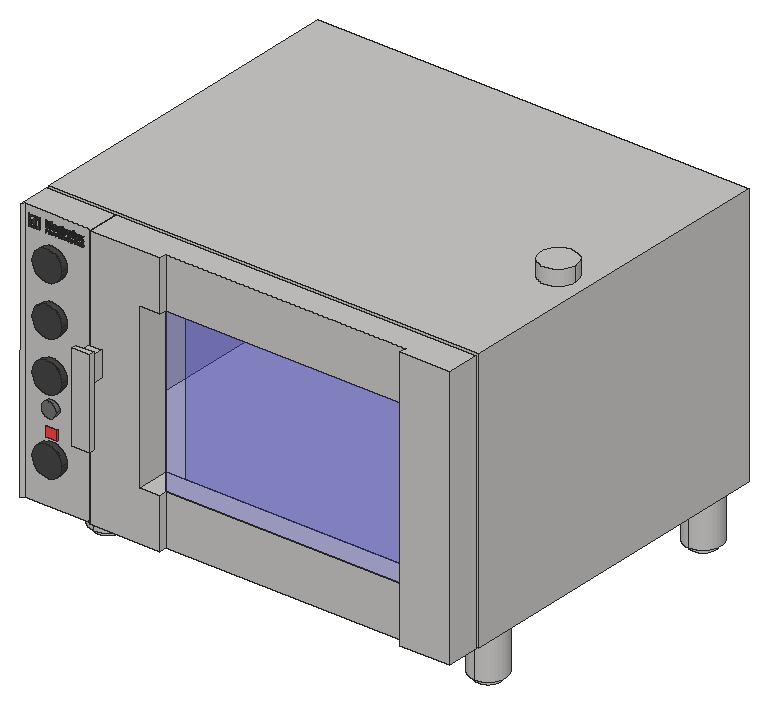
Revit family "QF_ELECTROLUXPROFESSIONAL_240003_FCF6EOEM", category Specialty Equipment, Revit 2018
Family settings
  Round Connector Dimension = Use Diameter
  Part Type = Normal
  Work Plane-Based = No
  Always vertical = Yes
  Cut with Voids When Loaded = No
  Shared = No
  Room Calculation Point = No
Parameters (values of type "Standard")
  Weight = 79.50 kg
  Watts = 0 W
  Volts = 380 V
  URL Manufacturer = "http://professional.electrolux.com"
  URL = "http://professional.electrolux.com"
  Steam Supply Size = 0 mm
  Steam Supply Minimum Pressure = 0.0 Pa
  Steam Supply Maximum Pressure = 0.0 Pa
  Steam Pounds per Hour = 0
  Refrigeration Suction Line Size = 0 mm
  Refrigeration Liquid Line Size = 0 mm
  Refrigerant Compressor Remote = yes
  Manufacturer = "Electrolux Professional"
  Phase = 3
  Model = "FCF6EOEM"
  Length Actual = 860 mm  # constant formula
  Item Number = "240003"
  Hot Water Size = 0 mm
  Height Actual = 633 mm  # constant formula
  HP = "10.3 HP"
  Gas Size = 0 mm
  Gas KW = 0
  Gas Input Pressure = 0 W
  Direct Waste Size = 25 mm
  Description = "EL.CONV.OVEN 6GN1/1-SMART STEAM"
  Depth Actual = 746 mm  # constant formula
  Cycle = 50 Hz
  Condensate Return Size = 0 mm
  Compressed Air Volume = 0.0 L/s
  Compressed Air Size = 0 mm
  Compressed Air Pressure = 0.0 Pa
  Cold Water Size = 19.05 mm
  Accessory = yes
Types (2, lengths in mm): name | URL | Manufacturer | Phase | Model | Description | Cold Water Size
  (no name) | 0 | 0 | 0 | 0 | 0 | 0
  Standard | "http://professional.electrolux.com" | "Electrolux Professional" | 3 | "FCF6EOEM" | "EL.CONV.OVEN 6GN1/1-SMART STEAM" | 19.05
Values of the unnamed type that differ from the named types
  Volts = 0 V
  URL Manufacturer = ""
  Item Number = ""
  Cycle = 0 Hz
Reference planes
  plane 1 "Center (Front/Back)": y = 137.5
  plane 2: z = 0
  plane 3 "Center (Left/Right)": x = 0
  plane 4 "TOP": z = 1470
  plane 5 "FRONT": y = -312.5
  plane 6 "BACK": y = 433.5
  plane 7 "LEFT": x = -430
  plane 8 "RIGHT": x = 430
  plane 9 "FEET": z = 837
  plane 10 "BASE": z = 945
  plane 11: y = -247.5
  plane 12 "DrainX": y = 140.5
  plane 13 "DrainY": x = -83
  plane 14 "CWI_Y": x = -359
  plane 15 "CWI_X": y = 256.5
  plane 16 "FbY": y = 383.5
  plane 17 "FfY": y = -153.5
  plane 18 "FLr": x = 380
  plane 19 "FLx": x = -380
  plane 20 "EIy": x = -331
  plane 21 "EIx": y = -79.5
Forms (mm)
  Extrusion 1, solid, material "QF_Finishes_Stainless Steel"
    sketch origin (0, 0, 0) x (1, 0, 0) y (0, 1, 0)
      loop
        line (-430, 433.5) -> (-430, -240.5) -> (430, -240.5) -> (430, 433.5) -> (-430, 433.5)
    from 945 to 1470
  Extrusion 2, solid
    sketch origin (0, 0, 945) x (-1, 0, 0) y (0, -1, 0)
      loop
        circle (331, 79.73) r 10
    from 0 to -2
  Extrusion 3, void
    sketch origin (0, 433.5, 0) x (-1, 0, 0) y (0, 0, 1)
      loop
        line (370, 1420) -> (-370, 1420) -> (-370, 1028.452) -> (370, 1028.452) -> (370, 1420)
    from -59 to -900
  Extrusion 4, solid, material "QF_Finishes_Stainless Steel"
    sketch origin (0, 0, 945) x (-1, 0, 0) y (0, -1, 0)
      loop
        circle (83, -140.5) r 16.5
    from -2 to 0
  Extrusion 5, solid, material "QF_Finishes_Stainless Steel"
    sketch origin (0, 0, 945) x (-1, 0, 0) y (0, -1, 0)
      loop
        circle (359, -256.5) r 16.5
    from -2 to 0
  Extrusion 6, solid, material "QF_Finishes_Stainless Steel"
    sketch origin (0, 0, 945) x (-1, 0, 0) y (0, -1, 0)
      loop
        line (423.535, 307.5) -> (295, 307.5) -> (290, 312.5) -> (290, 247.5) -> (428.535, 247.5) -> (428.535, 312.5) -> (423.535, 307.5)
    from 525 to 0
  Extrusion 7, solid, material "QF_Finishes_Stainless Steel"
    sketch origin (0, 0, 945) x (-1, 0, 0) y (0, -1, 0)
      loop
        line (290, 312.5) -> (149, 312.5) -> (149, 297.5) -> (-330, 297.5) -> (-330, 312.5) -> (-430, 312.5) -> (-430, 247.5) -> (290, 247.5) -> (290, 312.5)
    from 525 to 0
  Extrusion 8, solid, material "QF_Finishes_Stainless Steel"
    sketch origin (0, -312.5, -240) x (-1, 0, 0) y (0, 0, 1)
      loop
        line (290, 1505) -> (265, 1505) -> (265, 1455) -> (290, 1455) -> (290, 1505)
    from 0 to -28
  Extrusion 9, solid, material "QF_Finishes_Stainless Steel"
    sketch origin (-5, -312.5, -240) x (-1, 0, 0) y (0, 0, 1)
      loop
        line (290, 1515) -> (255, 1515) -> (255, 1340) -> (290, 1340) -> (290, 1515)
    from -28 to -38
  Extrusion 10, void
    sketch origin (0, -312.5, 0) x (-1, 0, 0) y (0, 0, 1)
      loop
        line (190, 1370) -> (-330, 1370) -> (-330, 1045) -> (190, 1045) -> (190, 1370)
    from 72 to 0
  Extrusion 11, solid, material "Glass"
    sketch origin (0, -312.5, 0) x (-1, 0, 0) y (0, 0, 1)
      loop
        line (-330, 1045) -> (149, 1045) -> (149, 1370) -> (-330, 1370) -> (-330, 1045)
    from 15 to 17
  Extrusion 12, solid, material "Glass"
    sketch origin (0, -312.5, 0) x (-1, 0, 0) y (0, 0, 1)
      loop
        line (-330, 1045) -> (149, 1045) -> (149, 1370) -> (-330, 1370) -> (-330, 1045)
    from 65 to 63
  Extrusion 13, solid, material "QF_Finishes_Stainless Steel"
    sketch origin (0, 0, 837) x (0, 1, 0) y (-1, 0, 0)
      loop
        circle (383.5, -380) r 25
      loop
        circle (-153.5, -380) r 25
      loop
        circle (-153.5, 380) r 25
      loop
        circle (383.5, 380) r 25
    from 10 to 0
  Extrusion 14, solid, material "QF_Finishes_Stainless Steel"
    sketch origin (0, 0, 837) x (0, 1, 0) y (-1, 0, 0)
      loop
        circle (383.5, -380) r 35
      loop
        circle (-153.5, -380) r 35
      loop
        circle (-153.5, 380) r 35
      loop
        circle (383.5, 380) r 35
    from 10 to 108
  Extrusion 15, solid, material "QF_Finishes_Stainless Steel"
    sketch origin (40.5, -24, 1470) x (-1, 0, 0) y (0, -1, 0)
      loop
        circle (-329.5, -57.5) r 35
    from 30 to 0
  Extrusion 16, solid, material "QF_Finishes_Black"
    sketch origin (0, -312.5, -172.5) x (-1, 0, 0) y (0, 0, 1)
      loop
        circle (369, 1555) r 30
      loop
        circle (369, 1455) r 30
      loop
        circle (369, 1355) r 30
      loop
        circle (369, 1205) r 30
    from 5 to -7
  Extrusion 17, solid, material "QF_Finishes_Dark Grey"
    sketch origin (0, -312.5, -172.5) x (-1, 0, 0) y (0, 0, 1)
      loop
        circle (369, 1295) r 15
    from 5 to -3
  Extrusion 18, solid, material "QF_Finishes_Red"
    sketch origin (-4.5, -312.5, -212.5) x (-1, 0, 0) y (0, 0, 1)
      loop
        line (354, 1280) -> (375, 1280) -> (375, 1300) -> (354, 1300) -> (354, 1280)
    from 5 to 3.4
  Extrusion 19, solid, material "QF_Finishes_Black"
    sketch origin (0, -312.5, 0) x (-1, 0, 0) y (0, 0, 1)
      loop
        arc (401.043, 1453.92) -> (393.726, 1444.022) -> (401.043, 1434.125) r 10.352
        line (401.043, 1434.125) -> (401.043, 1453.92)
      loop
        line (402.05, 1453.92) -> (402.05, 1452.486)
        arc (402.05, 1452.486) -> (405.124, 1446.971) -> (410.974, 1444.596) r 9.509
        line (410.974, 1444.596) -> (414.249, 1444.596)
        arc (414.249, 1444.596) -> (410.282, 1452.049) -> (402.05, 1453.92) r 10.145
      loop
        line (402.05, 1435.558) -> (402.05, 1433.871)
        arc (402.05, 1433.871) -> (410.289, 1435.935) -> (414.249, 1443.449) r 10.411
        line (414.249, 1443.449) -> (410.974, 1443.449)
        arc (410.974, 1443.449) -> (405.124, 1441.074) -> (402.05, 1435.558) r 9.509
      loop
        line (415, 1455) -> (392.97, 1455) -> (392.97, 1433) -> (415, 1433) -> (415, 1455)
    from 5 to 3.4
  Extrusion 20, solid, material "QF_Finishes_Black"
    sketch origin (0, -312.5, 0) x (-1, 0, 0) y (0, 0, 1)
      loop
        line (373.252, 1454.787) -> (373.252, 1452.843) -> (378.622, 1452.843) -> (378.622, 1450.005) -> (373.574, 1450.005) -> (373.574, 1448.055) -> (378.622, 1448.055) -> (378.622, 1446.338)
        arc (378.622, 1446.338) -> (378.097, 1445.146) -> (376.863, 1444.729) r 1.615
        line (376.863, 1444.729) -> (373.108, 1444.729) -> (373.108, 1442.787) -> (377.347, 1442.787)
        arc (377.347, 1442.787) -> (379.71, 1443.765) -> (380.688, 1446.128) r 3.341
        line (380.688, 1446.128) -> (380.688, 1454.787) -> (373.252, 1454.787)
      loop
        line (371.64, 1454.787) -> (369.573, 1454.787) -> (369.573, 1442.787) -> (371.64, 1442.787) -> (371.64, 1454.787)
      loop
        line (326.748, 1454.787) -> (324.68, 1454.787) -> (324.68, 1442.787) -> (326.748, 1442.787) -> (326.748, 1454.787)
      loop
        arc (366.155, 1446.619) -> (365.764, 1445.308) -> (364.625, 1444.549) r 2.013
        arc (364.625, 1444.549) -> (362.758, 1444.387) -> (361.151, 1445.352) r 3.039
        line (361.151, 1445.352) -> (359.926, 1444.127)
        arc (359.926, 1444.127) -> (361.817, 1442.854) -> (364.072, 1442.522) r 5.15
        arc (364.072, 1442.522) -> (366.969, 1443.722) -> (368.169, 1446.619) r 4.097
        arc (368.169, 1446.619) -> (367.257, 1450.083) -> (364.062, 1451.704) r 4.373
        arc (364.062, 1451.704) -> (360.433, 1450.345) -> (359.372, 1446.619) r 4.298
        line (359.372, 1446.619) -> (366.155, 1446.619)
      loop
        arc (366.103, 1448.072) -> (365.193, 1449.521) -> (363.538, 1449.953) r 2.321
        arc (363.538, 1449.953) -> (362.102, 1449.447) -> (361.449, 1448.072) r 1.983
        line (361.449, 1448.072) -> (366.103, 1448.072)
      loop
        arc (351.315, 1448.937) -> (352.979, 1449.847) -> (354.853, 1449.561) r 2.961
        arc (354.853, 1449.561) -> (356.024, 1448.32) -> (356.163, 1446.619) r 2.578
        arc (356.163, 1446.619) -> (354.167, 1444.468) -> (351.381, 1445.39) r 2.714
        line (351.381, 1445.39) -> (350.09, 1444.099)
        arc (350.09, 1444.099) -> (355.554, 1442.969) -> (358.223, 1447.869) r 4.684
        arc (358.223, 1447.869) -> (356.639, 1450.663) -> (353.623, 1451.765) r 4.652
        arc (353.623, 1451.765) -> (351.645, 1451.413) -> (350.017, 1450.235) r 4.497
        line (350.017, 1450.235) -> (351.315, 1448.937)
      loop
        line (348.748, 1454.787) -> (346.681, 1454.787) -> (346.681, 1451.466) -> (344.803, 1451.466) -> (344.803, 1449.588) -> (346.681, 1449.588) -> (346.681, 1446.619)
        arc (346.681, 1446.619) -> (346.503, 1445.669) -> (345.838, 1444.966) r 1.713
        arc (345.838, 1444.966) -> (345.32, 1444.761) -> (344.765, 1444.718) r 1.862
        line (344.765, 1444.718) -> (344.765, 1442.782)
        arc (344.765, 1442.782) -> (346.633, 1443.028) -> (348.109, 1444.201) r 3.531
        arc (348.109, 1444.201) -> (348.569, 1445.356) -> (348.748, 1446.587) r 5.301
        line (348.748, 1446.587) -> (348.748, 1454.787)
      loop
        line (341.014, 1447.349) -> (341.014, 1442.787) -> (343.064, 1442.787) -> (343.064, 1451.466) -> (341.014, 1451.466) -> (341.014, 1450.215)
        arc (341.014, 1450.215) -> (339.628, 1451.404) -> (337.81, 1451.575) r 3.016
        line (337.81, 1451.575) -> (337.81, 1449.588)
        arc (337.81, 1449.588) -> (339.202, 1449.617) -> (340.44, 1448.981) r 2.84
        arc (340.44, 1448.981) -> (340.866, 1448.214) -> (341.014, 1447.349) r 2.607
      loop
        circle (332.756, 1447.125) r 4.599
      loop
        circle (332.756, 1447.125) r 2.787
      loop
        line (317.225, 1446.401) -> (317.225, 1451.466) -> (315.141, 1451.466) -> (315.141, 1446.314)
        arc (315.141, 1446.314) -> (316.296, 1443.554) -> (319.12, 1442.567) r 3.675
        arc (319.12, 1442.567) -> (321.913, 1443.525) -> (323.099, 1446.229) r 3.675
        line (323.099, 1446.229) -> (323.099, 1451.466) -> (321.015, 1451.466) -> (321.015, 1446.401)
        arc (321.015, 1446.401) -> (320.504, 1444.998) -> (319.12, 1444.439) r 1.835
        arc (319.12, 1444.439) -> (317.735, 1444.998) -> (317.225, 1446.401) r 1.835
      loop
        line (313.892, 1451.466) -> (311.656, 1451.466) -> (309.784, 1448.889) -> (307.883, 1451.466) -> (305.627, 1451.466) -> (308.599, 1447.438) -> (305.348, 1442.784) -> (307.556, 1442.784) -> (309.777, 1445.841) -> (311.966, 1442.784) -> (314.188, 1442.784) -> (310.89, 1447.391) -> (313.892, 1451.466)
      loop
        arc (379.526, 1437.812) -> (378.16, 1436.566) -> (379.275, 1435.091) r 1.372
        line (379.275, 1435.091) -> (380.272, 1435.091) -> (380.272, 1433.662) -> (381.174, 1433.662) -> (381.174, 1437.812) -> (379.526, 1437.812)
      loop
        line (379.314, 1435.907) -> (380.272, 1435.907) -> (380.272, 1436.974) -> (379.314, 1436.974)
        arc (379.314, 1436.974) -> (378.973, 1436.44) -> (379.314, 1435.907) r 0.587
      loop
        arc (373.014, 1437.812) -> (372.056, 1437.422) -> (371.644, 1436.474) r 1.37
        arc (371.644, 1436.474) -> (371.775, 1435.879) -> (372.167, 1435.412) r 1.281
        line (372.167, 1435.412) -> (371.35, 1433.662) -> (372.319, 1433.662) -> (372.916, 1435.091) -> (373.788, 1435.091) -> (373.788, 1433.662) -> (374.69, 1433.662) -> (374.69, 1437.812) -> (373.014, 1437.812)
      loop
        line (373.788, 1436.974) -> (372.831, 1436.974)
        arc (372.831, 1436.974) -> (372.489, 1436.44) -> (372.831, 1435.907) r 0.587
        line (372.831, 1435.907) -> (373.788, 1435.907) -> (373.788, 1436.974)
      loop
        circle (366.052, 1435.737) r 2.156
      loop
        circle (366.052, 1435.737) r 1.368
      loop
        line (360.353, 1437.812) -> (357.762, 1437.812) -> (357.762, 1436.918) -> (359.473, 1436.918) -> (359.473, 1436.042) -> (357.911, 1436.042) -> (357.911, 1435.112) -> (359.473, 1435.112) -> (359.473, 1433.662) -> (360.353, 1433.662) -> (360.353, 1437.812)
      loop
        line (354.262, 1437.812) -> (351.635, 1437.812) -> (351.635, 1437.028) -> (353.409, 1437.028) -> (353.409, 1436.211) -> (351.75, 1436.211) -> (351.75, 1435.427) -> (353.409, 1435.427)
        arc (353.409, 1435.427) -> (353.318, 1434.832) -> (352.854, 1434.449) r 0.845
        line (352.854, 1434.449) -> (351.595, 1434.449) -> (351.595, 1433.665) -> (352.934, 1433.665)
        arc (352.934, 1433.665) -> (353.879, 1434.06) -> (354.262, 1435.01) r 1.327
        line (354.262, 1435.01) -> (354.262, 1437.812)
      loop
        line (339.233, 1437.286) -> (339.707, 1436.664)
        arc (339.707, 1436.664) -> (340.069, 1436.985) -> (340.54, 1437.098) r 0.998
        arc (340.54, 1437.098) -> (340.933, 1436.785) -> (340.661, 1436.362) r 0.375
        arc (340.661, 1436.362) -> (340.19, 1436.186) -> (339.731, 1435.981) r 8.236
        arc (339.731, 1435.981) -> (339.369, 1435.744) -> (339.085, 1435.417) r 1.564
        arc (339.085, 1435.417) -> (338.953, 1434.706) -> (339.208, 1434.03) r 1.349
        arc (339.208, 1434.03) -> (339.784, 1433.724) -> (340.423, 1433.596) r 2.246
        arc (340.423, 1433.596) -> (340.94, 1433.648) -> (341.418, 1433.852) r 1.719
        arc (341.418, 1433.852) -> (341.84, 1434.233) -> (342.101, 1434.738) r 1.595
        line (342.101, 1434.738) -> (341.375, 1435.076)
        arc (341.375, 1435.076) -> (341.169, 1434.715) -> (340.832, 1434.472) r 0.983
        arc (340.832, 1434.472) -> (340.441, 1434.373) -> (340.049, 1434.466) r 0.846
        arc (340.049, 1434.466) -> (339.838, 1434.889) -> (340.144, 1435.25) r 0.43
        arc (340.144, 1435.25) -> (340.63, 1435.485) -> (341.141, 1435.655) r 4.201
        arc (341.141, 1435.655) -> (341.748, 1436.382) -> (341.651, 1437.325) r 1.217
        arc (341.651, 1437.325) -> (341.122, 1437.723) -> (340.479, 1437.881) r 1.645
        arc (340.479, 1437.881) -> (339.783, 1437.737) -> (339.233, 1437.286) r 1.485
      loop
        line (335.426, 1437.812) -> (334.573, 1437.812) -> (334.573, 1433.665) -> (335.426, 1433.665) -> (335.426, 1437.812)
      loop
        circle (328.824, 1435.739) r 1.29
      loop
        circle (328.824, 1435.739) r 2.154
      loop
        line (323.103, 1433.665) -> (323.103, 1437.812) -> (322.273, 1437.812) -> (320.376, 1435.126) -> (320.376, 1437.812) -> (319.515, 1437.812) -> (319.515, 1433.665) -> (320.344, 1433.665) -> (322.241, 1436.273) -> (322.241, 1433.665) -> (323.103, 1433.665)
      loop
        line (315.216, 1433.665) -> (316.131, 1433.665) -> (314.509, 1437.812) -> (313.709, 1437.812) -> (311.957, 1433.665) -> (312.874, 1433.665) -> (313.278, 1434.56) -> (314.812, 1434.56) -> (315.216, 1433.665)
      loop
        line (313.66, 1435.411) -> (314.47, 1435.411) -> (314.071, 1436.322) -> (313.66, 1435.411)
      loop
        line (307.722, 1434.449) -> (306.127, 1434.449) -> (306.127, 1433.665) -> (308.575, 1433.665) -> (308.575, 1437.812) -> (307.722, 1437.812) -> (307.722, 1434.449)
      loop
        line (345.451, 1437.286) -> (345.925, 1436.664)
        arc (345.925, 1436.664) -> (346.287, 1436.985) -> (346.757, 1437.098) r 0.998
        arc (346.757, 1437.098) -> (347.15, 1436.785) -> (346.878, 1436.362) r 0.375
        arc (346.878, 1436.362) -> (346.408, 1436.186) -> (345.949, 1435.981) r 8.236
        arc (345.949, 1435.981) -> (345.586, 1435.744) -> (345.302, 1435.417) r 1.564
        arc (345.302, 1435.417) -> (345.171, 1434.706) -> (345.425, 1434.03) r 1.349
        arc (345.425, 1434.03) -> (346.001, 1433.724) -> (346.641, 1433.596) r 2.246
        arc (346.641, 1433.596) -> (347.158, 1433.648) -> (347.636, 1433.852) r 1.719
        arc (347.636, 1433.852) -> (348.057, 1434.233) -> (348.319, 1434.738) r 1.595
        line (348.319, 1434.738) -> (347.593, 1435.076)
        arc (347.593, 1435.076) -> (347.386, 1434.715) -> (347.049, 1434.472) r 0.983
        arc (347.049, 1434.472) -> (346.659, 1434.373) -> (346.267, 1434.466) r 0.846
        arc (346.267, 1434.466) -> (346.055, 1434.889) -> (346.362, 1435.25) r 0.43
        arc (346.362, 1435.25) -> (346.847, 1435.485) -> (347.358, 1435.655) r 4.201
        arc (347.358, 1435.655) -> (347.966, 1436.382) -> (347.868, 1437.325) r 1.217
        arc (347.868, 1437.325) -> (347.34, 1437.723) -> (346.697, 1437.881) r 1.645
        arc (346.697, 1437.881) -> (346, 1437.737) -> (345.451, 1437.286) r 1.485
    from 5 to 3.4
Cuts and joins
  Extrusion 3 cuts Extrusion 1
  Extrusion 10 cuts Extrusion 7
Lines and regions (mm)
  symbolic lines
    curve 1: line (430, 433.5, 1470) -> (-430, 433.5, 1470)
    curve 2: line (-430, 433.5, 1470) -> (-430, -240.5, 1470)
    curve 3: line (430, -240.5, 1470) -> (430, 433.5, 1470)
    curve 4: circle (370, 126.5, 1470) r 35 normal (0, 0, 1)
    curve 5: line (-430, -240.5, 1470) -> (430, -240.5, 1470)
    curve 6: line (-428.535, -247.5, 1470) -> (-428.535, -312.5, 1470)
    curve 7: line (-290, -247.5, 1470) -> (-428.535, -247.5, 1470)
    curve 8: line (-428.535, -312.5, 1470) -> (-423.535, -307.5, 1470)
    curve 9: line (-423.535, -307.5, 1470) -> (-295, -307.5, 1470)
    curve 10: line (-295, -307.5, 1470) -> (-290, -312.5, 1470)
    curve 11: line (-290, -312.5, 1470) -> (-290, -340.5, 1470)
    curve 12: line (-265, -340.5, 1470) -> (-265, -312.5, 1470)
    curve 13: line (-260, -340.5, 1470) -> (-295, -340.5, 1470)
    curve 14: line (-295, -350.5, 1470) -> (-260, -350.5, 1470)
    curve 15: line (-295, -340.5, 1470) -> (-295, -350.5, 1470)
    curve 16: line (-260, -350.5, 1470) -> (-260, -340.5, 1470)
    curve 17: line (-290, -312.5, 1470) -> (-149, -312.5, 1470)
    curve 18: line (-390, -319.5, 1470) -> (-330, -319.5, 1470)
    curve 19: line (-390, -319.5, 1470) -> (-390, -307.5, 1470)
    curve 20: line (-330, -319.5, 1470) -> (-330, -307.5, 1470)
    curve 21: line (-149, -312.5, 1470) -> (-149, -247.5, 1470)
    curve 22: line (330, -312.5, 1470) -> (430, -312.5, 1470)
    curve 23: line (430, -312.5, 1470) -> (430, -247.5, 1470)
    curve 24: line (430, -247.5, 1470) -> (-290, -247.5, 1470)
    curve 25: line (-149, -307.5, 1470) -> (330, -307.5, 1470)
    curve 26: line (-290, -247.5, 1470) -> (-290, -312.5, 1470)
    curve 27: line (330, -247.5, 1470) -> (330, -312.5, 1470)
Dimensions and locks
  equal spacing: plane 7 "LEFT", plane 3 "Center (Left/Right)", plane 8 "RIGHT"
  plane 7 "LEFT" to plane 8 "RIGHT" = 860 mm
  plane 6 "BACK" to plane 5 "FRONT" = 746 mm
  plane 4 "TOP" to plane 2 = 1470 mm
  equal spacing: plane 8 "RIGHT", plane 3 "Center (Left/Right)", plane 7 "LEFT"
  cut or joined group of Extrusion 1, Extrusion 3 to cut or joined group of Extrusion 1, Extrusion 3 = 740 mm
  plane 8 "RIGHT" to plane 7 "LEFT" = 860 mm
  plane 4 "TOP" to plane 10 "BASE" = 525 mm
  locked: plane 10 "BASE" to plane 9 "FEET" at 108
  plane 7 "LEFT" to plane 13 "DrainY" = 347 mm
  plane 6 "BACK" to plane 12 "DrainX" = 293 mm
  plane 7 "LEFT" to plane 14 "CWI_Y" = 71 mm
  plane 6 "BACK" to plane 15 "CWI_X" = 177 mm
  plane 4 "TOP" to Extrusion 10 sketch curve = 100 mm
  Extrusion 10 sketch curve to plane 10 "BASE" = 100 mm
  Extrusion 10 sketch curve to plane 8 "RIGHT" = 100 mm
  Extrusion 7 to Extrusion 10 sketch curve = 100 mm
  locked: plane 7 "LEFT" to plane 19 "FLx" at 50
  locked: plane 18 "FLr" to plane 8 "RIGHT" at 50
  locked: plane 6 "BACK" to plane 16 "FbY" at 50
  locked: plane 17 "FfY" to plane 5 "FRONT" at 159
  plane 7 "LEFT" to plane 20 "EIy" = 99 mm
  plane 6 "BACK" to plane 21 "EIx" = 513 mm
  locked: plane 11 to plane 5 "FRONT" at 65
  aligned and locked: level to plane 2
  aligned and locked: plane 4 "TOP" to cut or joined group of Extrusion 1, Extrusion 3
  aligned and locked: cut or joined group of Extrusion 1, Extrusion 3 to plane 10 "BASE"
  aligned and locked: cut or joined group of Extrusion 1, Extrusion 3 to plane 7 "LEFT"
  aligned and locked: cut or joined group of Extrusion 1, Extrusion 3 to plane 8 "RIGHT"
  aligned and locked: plane 6 "BACK" to cut or joined group of Extrusion 1, Extrusion 3
  aligned and locked: plane 4 "TOP" to cut or joined group of Extrusion 7, Extrusion 10
  aligned and locked: plane 4 "TOP" to Extrusion 6
Automatic sketch dimensions
  Extrusion 4 sketch curve to plane 12 "DrainX" = 0 mm
  Extrusion 4 sketch curve to plane 13 "DrainY" = 0 mm
  Extrusion 5 sketch curve to plane 14 "CWI_Y" = 0 mm
  Extrusion 5 sketch curve to plane 15 "CWI_X" = 0 mm
  Extrusion 13 sketch curve to plane 17 "FfY" = 0 mm  (x2)
  Extrusion 13 sketch curve to plane 16 "FbY" = 0 mm  (x2)
  Extrusion 13 sketch curve to plane 18 "FLr" = 0 mm  (x2)
  Extrusion 13 sketch curve to plane 19 "FLx" = 0 mm  (x2)
  Extrusion 14 sketch curve to plane 17 "FfY" = 0 mm  (x2)
  Extrusion 14 sketch curve to plane 16 "FbY" = 0 mm  (x2)
  Extrusion 14 sketch curve to plane 18 "FLr" = 0 mm  (x2)
  Extrusion 14 sketch curve to plane 19 "FLx" = 0 mm  (x2)
  Extrusion 15 sketch curve to plane 18 "FLr" = 10 mm
  Extrusion 15 sketch curve to plane 12 "DrainX" = 107 mm
  Extrusion 2 sketch curve to plane 20 "EIy" = 0 mm
  Extrusion 2 sketch curve to plane 21 "EIx" = 0.23 mm
  curve 1 to plane 6 "BACK" = 0 mm
  curve 1 to plane 8 "RIGHT" = 0 mm
  curve 23 to plane 5 "FRONT" = 0 mm
  curve 23 to plane 8 "RIGHT" = 0 mm
  plane 11 to curve 27 = 0 mm
  curve 17 to plane 5 "FRONT" = 0 mm
  curve 6 to plane 5 "FRONT" = 0 mm
  curve 5 to plane 7 "LEFT" = 0 mm
  curve 4 to plane 18 "FLr" = 10 mm
  curve 22 to plane 18 "FLr" = 50 mm
  curve 17 to plane 13 "DrainY" = 66 mm
  plane 20 "EIy" to curve 16 = 71 mm
  plane 20 "EIy" to curve 10 = 41 mm
  curve 11 to curve 15 = 5 mm
  curve 10 to curve 9 = 5 mm
  plane 20 "EIy" to curve 18 = 1 mm
  curve 18 to plane 19 "FLx" = 10 mm
  plane 7 "LEFT" to curve 8 = 6.465 mm
  plane 7 "LEFT" to curve 6 = 1.465 mm
  plane 1 "Center (Front/Back)" to curve 4 = 11 mm
  curve 3 to plane 11 = 7 mm
  plane 5 "FRONT" to curve 9 = 5 mm
  curve 19 to plane 5 "FRONT" = 7 mm
  curve 16 to plane 5 "FRONT" = 28 mm
  curve 13 to curve 15 = 10 mm
  curve 13 to curve 12 = 5 mm
  curve 25 to curve 22 = 5 mm
  Extrusion 1 sketch curve to plane 7 "LEFT" = 0 mm
  Extrusion 1 sketch curve to plane 8 "RIGHT" = 0 mm
  Extrusion 1 sketch curve to plane 6 "BACK" = 0 mm
  Extrusion 1 sketch curve to plane 11 = 7 mm
  Extrusion 3 sketch curve to plane 18 "FLr" = 10 mm
  plane 19 "FLx" to Extrusion 3 sketch curve = 10 mm
  plane 10 "BASE" to Extrusion 3 sketch curve = 83.452 mm
  Extrusion 3 sketch curve to plane 4 "TOP" = 50 mm
  plane 11 to Extrusion 6 sketch curve = 0 mm
  Extrusion 6 sketch curve to plane 5 "FRONT" = 0 mm  (x2)
  plane 20 "EIy" to Extrusion 6 sketch curve = 41 mm
  Extrusion 6 sketch curve to Extrusion 6 sketch curve = 5 mm
  plane 7 "LEFT" to Extrusion 6 sketch curve = 6.465 mm
  plane 7 "LEFT" to Extrusion 6 sketch curve = 1.465 mm
  plane 5 "FRONT" to Extrusion 6 sketch curve = 5 mm
  Extrusion 7 sketch curve to plane 5 "FRONT" = 0 mm  (x2)
  Extrusion 7 sketch curve to plane 8 "RIGHT" = 0 mm
  plane 11 to Extrusion 7 sketch curve = 0 mm
  Extrusion 7 sketch curve to plane 18 "FLr" = 50 mm
  plane 5 "FRONT" to Extrusion 7 sketch curve = 15 mm
  Extrusion 7 sketch curve to plane 13 "DrainY" = 66 mm
  plane 20 "EIy" to Extrusion 7 sketch curve = 41 mm
  plane 20 "EIy" to Extrusion 8 sketch curve = 66 mm
  Extrusion 8 sketch curve to Extrusion 8 sketch curve = 25 mm
  Extrusion 8 sketch curve to plane 4 "TOP" = 255 mm
  Extrusion 8 sketch curve to Extrusion 8 sketch curve = 50 mm
  plane 20 "EIy" to Extrusion 9 sketch curve = 71 mm
  Extrusion 9 sketch curve to Extrusion 9 sketch curve = 35 mm
  plane 10 "BASE" to Extrusion 9 sketch curve = 155 mm
  Extrusion 9 sketch curve to Extrusion 9 sketch curve = 175 mm
  Extrusion 11 sketch curve to plane 18 "FLr" = 50 mm
  Extrusion 11 sketch curve to plane 13 "DrainY" = 66 mm
  plane 10 "BASE" to Extrusion 11 sketch curve = 100 mm
  Extrusion 11 sketch curve to plane 4 "TOP" = 100 mm
  Extrusion 12 sketch curve to plane 18 "FLr" = 50 mm
  Extrusion 12 sketch curve to plane 13 "DrainY" = 66 mm
  plane 10 "BASE" to Extrusion 12 sketch curve = 100 mm
  Extrusion 12 sketch curve to plane 4 "TOP" = 100 mm
  Extrusion 16 sketch curve to plane 14 "CWI_Y" = 10 mm  (x4)
  plane 10 "BASE" to Extrusion 16 sketch curve = 87.5 mm
  Extrusion 16 sketch curve to Extrusion 16 sketch curve = 150 mm
  Extrusion 16 sketch curve to Extrusion 16 sketch curve = 100 mm
  Extrusion 16 sketch curve to plane 4 "TOP" = 87.5 mm
  Extrusion 17 sketch curve to plane 14 "CWI_Y" = 10 mm
  plane 10 "BASE" to Extrusion 17 sketch curve = 177.5 mm
  plane 14 "CWI_Y" to Extrusion 18 sketch curve = 0.5 mm
  plane 19 "FLx" to Extrusion 18 sketch curve = 0.5 mm
  plane 10 "BASE" to Extrusion 18 sketch curve = 122.5 mm
  Extrusion 18 sketch curve to Extrusion 18 sketch curve = 20 mm
  Extrusion 19 sketch curve to plane 19 "FLx" = 12.97 mm
  Extrusion 19 sketch curve to Extrusion 19 sketch curve = 8.073 mm
  Extrusion 19 sketch curve to Extrusion 19 sketch curve = 1.007 mm  (x2)
  Extrusion 19 sketch curve to Extrusion 19 sketch curve = 1.81 mm
  Extrusion 19 sketch curve to Extrusion 19 sketch curve = 0.219 mm
  Extrusion 19 sketch curve to Extrusion 19 sketch curve = 0.043 mm
  Extrusion 19 sketch curve to Extrusion 19 sketch curve = 6.852 mm
  Extrusion 19 sketch curve to Extrusion 19 sketch curve = 0 mm  (x2)
  Extrusion 19 sketch curve to Extrusion 19 sketch curve = 9.372 mm  (x2)
  Extrusion 19 sketch curve to Extrusion 19 sketch curve = 3.275 mm
  Extrusion 19 sketch curve to Extrusion 19 sketch curve = 3.578 mm
  Extrusion 19 sketch curve to plane 4 "TOP" = 37 mm
  Extrusion 19 sketch curve to Extrusion 19 sketch curve = 0.871 mm
  Extrusion 19 sketch curve to Extrusion 19 sketch curve = 0.95 mm
  Extrusion 19 sketch curve to Extrusion 19 sketch curve = 0.254 mm
  Extrusion 19 sketch curve to Extrusion 19 sketch curve = 1.688 mm
  Extrusion 19 sketch curve to Extrusion 19 sketch curve = 0.135 mm
  Extrusion 19 sketch curve to Extrusion 19 sketch curve = 0.034 mm
  Extrusion 19 sketch curve to Extrusion 19 sketch curve = 1.148 mm
  Extrusion 19 sketch curve to Extrusion 19 sketch curve = 1.433 mm
  Extrusion 19 sketch curve to Extrusion 19 sketch curve = 1.08 mm
  Extrusion 20 sketch curve to Extrusion 20 sketch curve = 0 mm  (x38)
  plane 20 "EIy" to Extrusion 20 sketch curve = 25.652 mm
  Extrusion 20 sketch curve to Extrusion 20 sketch curve = 0.278 mm
  Extrusion 20 sketch curve to Extrusion 20 sketch curve = 0.779 mm
  Extrusion 20 sketch curve to Extrusion 20 sketch curve = 2.208 mm
  Extrusion 20 sketch curve to Extrusion 20 sketch curve = 1.595 mm
  Extrusion 20 sketch curve to Extrusion 20 sketch curve = 2.256 mm
  Extrusion 20 sketch curve to Extrusion 20 sketch curve = 0.853 mm  (x3)
  Extrusion 20 sketch curve to Extrusion 20 sketch curve = 0.716 mm
  Extrusion 20 sketch curve to Extrusion 20 sketch curve = 1.178 mm
  Extrusion 20 sketch curve to Extrusion 20 sketch curve = 1.185 mm
  Extrusion 20 sketch curve to Extrusion 20 sketch curve = 1.106 mm
  Extrusion 20 sketch curve to Extrusion 20 sketch curve = 1.872 mm
  Extrusion 20 sketch curve to Extrusion 20 sketch curve = 3.383 mm
  Extrusion 20 sketch curve to Extrusion 20 sketch curve = 2.189 mm
  Extrusion 20 sketch curve to Extrusion 20 sketch curve = 0.917 mm
  Extrusion 20 sketch curve to Extrusion 20 sketch curve = 0.404 mm  (x2)
  Extrusion 20 sketch curve to Extrusion 20 sketch curve = 0.383 mm
  Extrusion 20 sketch curve to Extrusion 20 sketch curve = 0.049 mm  (x2)
  Extrusion 20 sketch curve to Extrusion 20 sketch curve = 2.236 mm
  Extrusion 20 sketch curve to Extrusion 20 sketch curve = 0.411 mm
  Extrusion 20 sketch curve to Extrusion 20 sketch curve = 2.222 mm
  Extrusion 20 sketch curve to Extrusion 20 sketch curve = 0.81 mm
  Extrusion 20 sketch curve to Extrusion 20 sketch curve = 0.8 mm
  Extrusion 20 sketch curve to Extrusion 20 sketch curve = 0.341 mm
  Extrusion 20 sketch curve to Extrusion 20 sketch curve = 1.249 mm
  Extrusion 20 sketch curve to Extrusion 20 sketch curve = 0.916 mm
  Extrusion 20 sketch curve to Extrusion 20 sketch curve = 2.084 mm
  Extrusion 20 sketch curve to Extrusion 20 sketch curve = 1.59 mm  (x2)
  Extrusion 20 sketch curve to Extrusion 20 sketch curve = 0.24 mm  (x2)
  Extrusion 20 sketch curve to Extrusion 20 sketch curve = 0.129 mm
  Extrusion 20 sketch curve to Extrusion 20 sketch curve = 5.006 mm
  Extrusion 20 sketch curve to Extrusion 20 sketch curve = 0.829 mm  (x2)
  Extrusion 20 sketch curve to Extrusion 20 sketch curve = 0.033 mm
  Extrusion 20 sketch curve to Extrusion 20 sketch curve = 1.865 mm
  Extrusion 20 sketch curve to Extrusion 20 sketch curve = 0.032 mm  (x3)
  Extrusion 20 sketch curve to Extrusion 20 sketch curve = 2.085 mm
  Extrusion 20 sketch curve to Extrusion 20 sketch curve = 1.581 mm
  Extrusion 20 sketch curve to Extrusion 20 sketch curve = 2.068 mm
  plane 20 "EIy" to Extrusion 20 sketch curve = 2.176 mm
  Extrusion 20 sketch curve to plane 20 "EIy" = 1.756 mm
  Extrusion 20 sketch curve to plane 20 "EIy" = 3.573 mm
  Extrusion 20 sketch curve to Extrusion 20 sketch curve = 5.054 mm
  Extrusion 20 sketch curve to Extrusion 20 sketch curve = 0.596 mm
  Extrusion 20 sketch curve to Extrusion 20 sketch curve = 0.639 mm
  Extrusion 20 sketch curve to Extrusion 20 sketch curve = 0.156 mm
  Extrusion 20 sketch curve to Extrusion 20 sketch curve = 3.807 mm
  Extrusion 20 sketch curve to Extrusion 20 sketch curve = 0.474 mm  (x2)
  Extrusion 20 sketch curve to Extrusion 20 sketch curve = 0.558 mm  (x2)
  Extrusion 20 sketch curve to Extrusion 20 sketch curve = 0.1 mm  (x2)
  Extrusion 20 sketch curve to Extrusion 20 sketch curve = 0.709 mm  (x2)
  Extrusion 20 sketch curve to Extrusion 20 sketch curve = 0.006 mm  (x2)
  Extrusion 20 sketch curve to Extrusion 20 sketch curve = 0.137 mm  (x2)
  Extrusion 20 sketch curve to Extrusion 20 sketch curve = 0.005 mm  (x3)
  Extrusion 20 sketch curve to Extrusion 20 sketch curve = 0.073 mm  (x2)
  Extrusion 20 sketch curve to Extrusion 20 sketch curve = 0.114 mm  (x3)
  Extrusion 20 sketch curve to Extrusion 20 sketch curve = 0.008 mm  (x2)
  Extrusion 20 sketch curve to Extrusion 20 sketch curve = 0.14 mm  (x2)
  Extrusion 20 sketch curve to Extrusion 20 sketch curve = 0.066 mm  (x2)
  Extrusion 20 sketch curve to Extrusion 20 sketch curve = 0.022 mm  (x2)
  Extrusion 20 sketch curve to Extrusion 20 sketch curve = 2.564 mm
  Extrusion 20 sketch curve to Extrusion 20 sketch curve = 2.451 mm
  Extrusion 20 sketch curve to Extrusion 20 sketch curve = 0.798 mm  (x2)
  Extrusion 20 sketch curve to Extrusion 20 sketch curve = 0.726 mm  (x2)
  Extrusion 20 sketch curve to Extrusion 20 sketch curve = 0.11 mm  (x2)
  Extrusion 20 sketch curve to Extrusion 20 sketch curve = 2.05 mm
  Extrusion 20 sketch curve to Extrusion 20 sketch curve = 1.104 mm  (x2)
  Extrusion 20 sketch curve to Extrusion 20 sketch curve = 2.435 mm
  Extrusion 20 sketch curve to Extrusion 20 sketch curve = 1.316 mm
  Extrusion 20 sketch curve to Extrusion 20 sketch curve = 1.739 mm
  Extrusion 20 sketch curve to Extrusion 20 sketch curve = 1.452 mm
  Extrusion 20 sketch curve to Extrusion 20 sketch curve = 0.075 mm
  Extrusion 20 sketch curve to Extrusion 20 sketch curve = 0.277 mm
  Extrusion 20 sketch curve to Extrusion 20 sketch curve = 3.35 mm
  Extrusion 20 sketch curve to Extrusion 20 sketch curve = 1.877 mm  (x2)
  Extrusion 20 sketch curve to Extrusion 20 sketch curve = 2.067 mm  (x2)
  Extrusion 20 sketch curve to Extrusion 20 sketch curve = 3.337 mm
  Extrusion 20 sketch curve to Extrusion 20 sketch curve = 1.343 mm
  Extrusion 20 sketch curve to Extrusion 20 sketch curve = 1.298 mm  (x2)
  Extrusion 20 sketch curve to Extrusion 20 sketch curve = 1.291 mm  (x2)
  Extrusion 20 sketch curve to Extrusion 20 sketch curve = 3.276 mm
  Extrusion 20 sketch curve to Extrusion 20 sketch curve = 0.04 mm
  Extrusion 20 sketch curve to Extrusion 20 sketch curve = 0.155 mm
  Extrusion 20 sketch curve to Extrusion 20 sketch curve = 0.833 mm
  Extrusion 20 sketch curve to Extrusion 20 sketch curve = 0.271 mm
  Extrusion 20 sketch curve to Extrusion 20 sketch curve = 0.08 mm
  Extrusion 20 sketch curve to Extrusion 20 sketch curve = 2.087 mm
  Extrusion 20 sketch curve to Extrusion 20 sketch curve = 0.826 mm
  Extrusion 20 sketch curve to Extrusion 20 sketch curve = 0.475 mm
  Extrusion 20 sketch curve to Extrusion 20 sketch curve = 0.089 mm
  Extrusion 20 sketch curve to Extrusion 20 sketch curve = 0.002 mm  (x3)
  Extrusion 20 sketch curve to Extrusion 20 sketch curve = 0.093 mm
  Extrusion 20 sketch curve to Extrusion 20 sketch curve = 0.085 mm
  plane 14 "CWI_Y" to Extrusion 20 sketch curve = 1.238 mm
  Extrusion 20 sketch curve to Extrusion 20 sketch curve = 0.15 mm
  Extrusion 20 sketch curve to plane 14 "CWI_Y" = 0.372 mm
  Extrusion 20 sketch curve to plane 14 "CWI_Y" = 0.473 mm  (x2)
  Extrusion 20 sketch curve to plane 14 "CWI_Y" = 0.926 mm
  Extrusion 20 sketch curve to Extrusion 20 sketch curve = 0.88 mm
  Extrusion 20 sketch curve to Extrusion 20 sketch curve = 1.224 mm  (x2)
  Extrusion 20 sketch curve to plane 14 "CWI_Y" = 2.449 mm
  Extrusion 20 sketch curve to Extrusion 20 sketch curve = 1.98 mm
  Extrusion 20 sketch curve to Extrusion 20 sketch curve = 0.012 mm  (x5)
  Extrusion 20 sketch curve to Extrusion 20 sketch curve = 0.151 mm
  Extrusion 20 sketch curve to Extrusion 20 sketch curve = 0.084 mm
  Extrusion 20 sketch curve to Extrusion 20 sketch curve = 0.145 mm
  Extrusion 20 sketch curve to Extrusion 20 sketch curve = 0.262 mm
  Extrusion 20 sketch curve to Extrusion 20 sketch curve = 0.217 mm
  Extrusion 20 sketch curve to Extrusion 20 sketch curve = 0.074 mm
  Extrusion 20 sketch curve to Extrusion 20 sketch curve = 5.699 mm
  Extrusion 20 sketch curve to Extrusion 20 sketch curve = 2.282 mm
  Extrusion 20 sketch curve to Extrusion 20 sketch curve = 0.052 mm  (x2)
  Extrusion 20 sketch curve to Extrusion 20 sketch curve = 3.418 mm
  Extrusion 20 sketch curve to Extrusion 20 sketch curve = 5.299 mm
  Extrusion 20 sketch curve to Extrusion 20 sketch curve = 0.816 mm
  Extrusion 20 sketch curve to Extrusion 20 sketch curve = 0.968 mm
  Extrusion 20 sketch curve to Extrusion 20 sketch curve = 0.664 mm  (x2)
  Extrusion 20 sketch curve to Extrusion 20 sketch curve = 0.749 mm
  Extrusion 20 sketch curve to Extrusion 20 sketch curve = 0.095 mm
  Extrusion 20 sketch curve to Extrusion 20 sketch curve = 0.088 mm
  Extrusion 20 sketch curve to Extrusion 20 sketch curve = 0.063 mm
  Extrusion 20 sketch curve to Extrusion 20 sketch curve = 1.468 mm
  Extrusion 20 sketch curve to Extrusion 20 sketch curve = 1.612 mm
  Extrusion 20 sketch curve to Extrusion 20 sketch curve = 0.322 mm
  Extrusion 20 sketch curve to Extrusion 20 sketch curve = 0.873 mm
  Extrusion 20 sketch curve to Extrusion 20 sketch curve = 0.712 mm
  Extrusion 20 sketch curve to Extrusion 20 sketch curve = 0.902 mm  (x2)
  plane 19 "FLx" to Extrusion 20 sketch curve = 3.137 mm
  Extrusion 20 sketch curve to Extrusion 20 sketch curve = 0.144 mm
  Extrusion 20 sketch curve to Extrusion 20 sketch curve = 0.484 mm
  plane 19 "FLx" to Extrusion 20 sketch curve = 1.378 mm
  Extrusion 20 sketch curve to Extrusion 20 sketch curve = 1.275 mm
  plane 19 "FLx" to Extrusion 20 sketch curve = 0.725 mm
  plane 19 "FLx" to Extrusion 20 sketch curve = 0.686 mm  (x2)
  plane 19 "FLx" to Extrusion 20 sketch curve = 0.474 mm
  Extrusion 20 sketch curve to Extrusion 20 sketch curve = 0.035 mm
  Extrusion 20 sketch curve to plane 19 "FLx" = 0.272 mm  (x2)
  Extrusion 20 sketch curve to plane 19 "FLx" = 0.688 mm
  Extrusion 20 sketch curve to plane 4 "TOP" = 41.434 mm
  Extrusion 20 sketch curve to Extrusion 20 sketch curve = 3.027 mm  (x2)
  Extrusion 20 sketch curve to Extrusion 20 sketch curve = 5.095 mm
  Extrusion 20 sketch curve to Extrusion 20 sketch curve = 2.072 mm  (x2)
  Extrusion 20 sketch curve to Extrusion 20 sketch curve = 0.784 mm  (x3)
  Extrusion 20 sketch curve to Extrusion 20 sketch curve = 0.895 mm
  Extrusion 20 sketch curve to Extrusion 20 sketch curve = 2.972 mm  (x2)
  Extrusion 20 sketch curve to Extrusion 20 sketch curve = 0.172 mm  (x4)
  Extrusion 20 sketch curve to Extrusion 20 sketch curve = 0.259 mm  (x2)
  Extrusion 20 sketch curve to Extrusion 20 sketch curve = 0.543 mm
  Extrusion 20 sketch curve to Extrusion 20 sketch curve = 0.338 mm  (x2)
  Extrusion 20 sketch curve to Extrusion 20 sketch curve = 1.429 mm  (x2)
  Extrusion 20 sketch curve to Extrusion 20 sketch curve = 1.451 mm
  Extrusion 20 sketch curve to Extrusion 20 sketch curve = 1.461 mm
  Extrusion 20 sketch curve to Extrusion 20 sketch curve = 0.382 mm  (x2)
  Extrusion 20 sketch curve to Extrusion 20 sketch curve = 0.257 mm
  Extrusion 20 sketch curve to Extrusion 20 sketch curve = 0.094 mm  (x2)
  Extrusion 20 sketch curve to Extrusion 20 sketch curve = 0.06 mm  (x2)
  Extrusion 20 sketch curve to Extrusion 20 sketch curve = 0.851 mm
  Extrusion 20 sketch curve to Extrusion 20 sketch curve = 0.321 mm
  Extrusion 20 sketch curve to Extrusion 20 sketch curve = 2.075 mm
  Extrusion 20 sketch curve to Extrusion 20 sketch curve = 2.073 mm
  Extrusion 20 sketch curve to Extrusion 20 sketch curve = 0.466 mm  (x2)
  Extrusion 20 sketch curve to Extrusion 20 sketch curve = 0.815 mm  (x2)
  Extrusion 20 sketch curve to Extrusion 20 sketch curve = 0.93 mm
  Extrusion 20 sketch curve to Extrusion 20 sketch curve = 0.261 mm  (x2)
  Extrusion 20 sketch curve to Extrusion 20 sketch curve = 0.136 mm  (x2)
  Extrusion 20 sketch curve to Extrusion 20 sketch curve = 1.147 mm
  Extrusion 20 sketch curve to Extrusion 20 sketch curve = 0.911 mm
  Extrusion 20 sketch curve to Extrusion 20 sketch curve = 0.16 mm  (x2)
  Extrusion 20 sketch curve to Extrusion 20 sketch curve = 0.533 mm  (x2)
  Extrusion 20 sketch curve to Extrusion 20 sketch curve = 0.267 mm  (x2)
  Extrusion 20 sketch curve to Extrusion 20 sketch curve = 0.327 mm  (x2)
  Extrusion 20 sketch curve to Extrusion 20 sketch curve = 0.014 mm  (x2)
  Extrusion 20 sketch curve to Extrusion 20 sketch curve = 0.876 mm
  Extrusion 20 sketch curve to Extrusion 20 sketch curve = 0.817 mm
  Extrusion 20 sketch curve to Extrusion 20 sketch curve = 0.623 mm  (x2)
  Extrusion 20 sketch curve to Extrusion 20 sketch curve = 1.539 mm  (x2)
  Extrusion 20 sketch curve to Extrusion 20 sketch curve = 3.363 mm
  Extrusion 20 sketch curve to Extrusion 20 sketch curve = 0.894 mm
  Extrusion 20 sketch curve to Extrusion 20 sketch curve = 0.783 mm
  Extrusion 20 sketch curve to Extrusion 20 sketch curve = 1.49 mm
  Extrusion 20 sketch curve to Extrusion 20 sketch curve = 0.525 mm
  Extrusion 20 sketch curve to Extrusion 20 sketch curve = 0.838 mm
  Extrusion 20 sketch curve to Extrusion 20 sketch curve = 4.901 mm
  Extrusion 20 sketch curve to Extrusion 20 sketch curve = 4.972 mm
  Extrusion 20 sketch curve to Extrusion 20 sketch curve = 4.975 mm  (x2)
  Extrusion 20 sketch curve to Extrusion 20 sketch curve = 1.317 mm
  Extrusion 20 sketch curve to Extrusion 20 sketch curve = 6.315 mm
  Extrusion 20 sketch curve to Extrusion 20 sketch curve = 1.936 mm
  Extrusion 20 sketch curve to Extrusion 20 sketch curve = 1.942 mm
  Extrusion 20 sketch curve to Extrusion 20 sketch curve = 3.057 mm
  Extrusion 20 sketch curve to Extrusion 20 sketch curve = 3.445 mm
  Extrusion 20 sketch curve to Extrusion 20 sketch curve = 0.044 mm
  Extrusion 20 sketch curve to Extrusion 20 sketch curve = 1.561 mm
  Extrusion 20 sketch curve to Extrusion 20 sketch curve = 3.53 mm
  Extrusion 20 sketch curve to Extrusion 20 sketch curve = 0.167 mm
  Extrusion 20 sketch curve to Extrusion 20 sketch curve = 1.153 mm
  Extrusion 20 sketch curve to Extrusion 20 sketch curve = 0.128 mm
  Extrusion 20 sketch curve to Extrusion 20 sketch curve = 2.488 mm
  Extrusion 20 sketch curve to Extrusion 20 sketch curve = 0.34 mm
  Extrusion 20 sketch curve to Extrusion 20 sketch curve = 1.267 mm
  Extrusion 20 sketch curve to Extrusion 20 sketch curve = 0.153 mm
  Extrusion 20 sketch curve to Extrusion 20 sketch curve = 4.063 mm
  Extrusion 20 sketch curve to Extrusion 20 sketch curve = 1.541 mm
  Extrusion 20 sketch curve to Extrusion 20 sketch curve = 0.165 mm
  Extrusion 20 sketch curve to Extrusion 20 sketch curve = 0.017 mm
  Extrusion 20 sketch curve to Extrusion 20 sketch curve = 0.275 mm
  Extrusion 20 sketch curve to Extrusion 20 sketch curve = 0.105 mm
  Extrusion 20 sketch curve to Extrusion 20 sketch curve = 0.054 mm
  Extrusion 20 sketch curve to Extrusion 20 sketch curve = 0.717 mm
  Extrusion 20 sketch curve to Extrusion 20 sketch curve = 0.013 mm
  Extrusion 20 sketch curve to Extrusion 20 sketch curve = 0.499 mm
  Extrusion 20 sketch curve to Extrusion 20 sketch curve = 1.549 mm
  Extrusion 20 sketch curve to Extrusion 20 sketch curve = 0.083 mm
  Extrusion 20 sketch curve to Extrusion 20 sketch curve = 1.597 mm
  Extrusion 20 sketch curve to Extrusion 20 sketch curve = 0.314 mm
  Extrusion 20 sketch curve to Extrusion 20 sketch curve = 0.007 mm
  Extrusion 20 sketch curve to Extrusion 20 sketch curve = 0.316 mm
  Extrusion 20 sketch curve to Extrusion 20 sketch curve = 1.717 mm
  Extrusion 20 sketch curve to Extrusion 20 sketch curve = 1.453 mm
  Extrusion 20 sketch curve to Extrusion 20 sketch curve = 1.278 mm
  Extrusion 20 sketch curve to Extrusion 20 sketch curve = 1.499 mm
  Extrusion 20 sketch curve to Extrusion 20 sketch curve = 1.664 mm
  Extrusion 20 sketch curve to Extrusion 20 sketch curve = 2.97 mm
  Extrusion 20 sketch curve to Extrusion 20 sketch curve = 0.961 mm
  Extrusion 20 sketch curve to Extrusion 20 sketch curve = 1.95 mm
  Extrusion 20 sketch curve to Extrusion 20 sketch curve = 1.234 mm
  Extrusion 20 sketch curve to Extrusion 20 sketch curve = 2.576 mm  (x2)
  Extrusion 20 sketch curve to Extrusion 20 sketch curve = 5.237 mm
  Extrusion 20 sketch curve to Extrusion 20 sketch curve = 1.878 mm
  Extrusion 20 sketch curve to Extrusion 20 sketch curve = 2.838 mm
  Extrusion 20 sketch curve to Extrusion 20 sketch curve = 3.322 mm
  Extrusion 20 sketch curve to Extrusion 20 sketch curve = 1.944 mm
  Extrusion 20 sketch curve to Extrusion 20 sketch curve = 3.321 mm
  Extrusion 20 sketch curve to Extrusion 20 sketch curve = 1.18 mm  (x2)
  Extrusion 20 sketch curve to Extrusion 20 sketch curve = 1.189 mm  (x2)
  Extrusion 20 sketch curve to Extrusion 20 sketch curve = 0.024 mm  (x2)
  Extrusion 20 sketch curve to Extrusion 20 sketch curve = 0.347 mm  (x2)
  Extrusion 20 sketch curve to Extrusion 20 sketch curve = 0.289 mm  (x2)
  Extrusion 20 sketch curve to Extrusion 20 sketch curve = 0.374 mm  (x2)
  Extrusion 20 sketch curve to Extrusion 20 sketch curve = 0.045 mm  (x2)
  Extrusion 20 sketch curve to Extrusion 20 sketch curve = 0.435 mm  (x2)
  Extrusion 20 sketch curve to Extrusion 20 sketch curve = 0.235 mm  (x2)
  Extrusion 20 sketch curve to Extrusion 20 sketch curve = 1.23 mm
  Extrusion 20 sketch curve to Extrusion 20 sketch curve = 4.599 mm
  Extrusion 20 sketch curve to Extrusion 20 sketch curve = 1.812 mm
  radius of Extrusion 4 sketch curve = 16.5 mm
  radius of Extrusion 5 sketch curve = 16.5 mm
  radius of Extrusion 13 sketch curve = 25 mm  (x4)
  radius of Extrusion 14 sketch curve = 35 mm  (x4)
  radius of Extrusion 15 sketch curve = 35 mm
  radius of Extrusion 2 sketch curve = 10 mm
  radius of curve 4 = 35 mm
  radius of Extrusion 16 sketch curve = 30 mm  (x4)
  radius of Extrusion 17 sketch curve = 15 mm
  radius of Extrusion 20 sketch curve = 2.156 mm
  radius of Extrusion 20 sketch curve = 1.368 mm
  radius of Extrusion 20 sketch curve = 1.29 mm
  radius of Extrusion 20 sketch curve = 2.154 mm
Connectors
  electrical at (-331, -79.73, 943), driven by "Volts"
    settings: on Extrusion 2, index 2, voltage 380 V, apparent load 0 VA, apparent load phase1 0 VA, apparent load phase2 0 VA, apparent load phase3 0 VA, power factor 1, load classification "Other", number of poles 1, system type 30, power factor state 1, is connector primary yes, connector utility no, sub classification motor no, connector description "Electrical Connection"
  piping at (-83, 140.5, 943), diameter 33
    settings: on Extrusion 4, index 3, connector inside diameter 609.6 mm, connector length 0 mm, flow factor 0, pipe flow 0.0 L/s, pressure drop 0.0 Pa, fitting loss kfactor 0, connector angle 0.00°, fixture units 0, engagement length 0 mm, angle of deflection 0.00°, flow configuration 1, flow direction 2, fitting loss method 0, system type 16, joint type 0, gender type 0, connector reference index -1, connector utility 0, adjustable connector no, is connector primary yes, connector description "DRAIN"
  piping at (-359, 256.5, 943), diameter 33
    settings: on Extrusion 5, index 4, connector inside diameter 609.6 mm, connector length 0 mm, flow factor 0, pipe flow 0.0 L/s, pressure drop 0.0 Pa, fitting loss kfactor 0, connector angle 0.00°, fixture units 0, engagement length 0 mm, angle of deflection 0.00°, flow configuration 1, flow direction 1, fitting loss method 0, system type 20, joint type 0, gender type 0, connector reference index -1, connector utility 0, adjustable connector no, is connector primary no, connector description "COLD WATER INLET"
